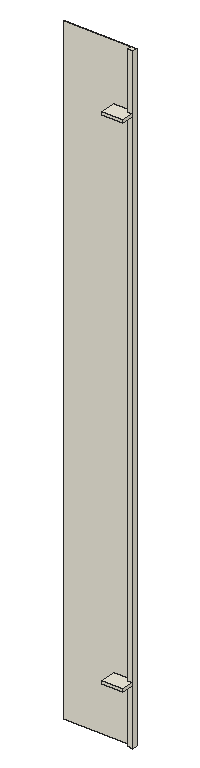
Revit family
Parameters (values of type "For 42”H Cart")
  Width = 0' - 8"  # constant formula
  URL = "http://www.hermanmiller.com"
  Surface Finish [instance] = Herman Miller - Finish LU Soft White
  Show 3D [instance] = yes
  Show 2D [instance] = yes
  Product Documentation Link = "http://www.hermanmiller.com/proceduresupply"
  Model = "CT701.42"
  Manufacturer = "Herman Miller, Inc."  # constant formula
  Height = 2' - 6 1/2"
  Description = "Breakaway Bar For 42H Sr 20/24 Cart"
  Depth = 0' - 1 1/2"  # constant formula
  Copyright © = "Copyright © Herman Miller, Inc."  # constant formula
  Catalog = "Carts (HMT)"  # constant formula
Reference planes (in)
  plane 1 "Center (Front/Back)": y = 0
  plane 2: z = 0
  plane 3 "Center (Left/Right)": x = 0
  plane 4 "Front": y = -1.5
  plane 5 "Left": x = -4
  plane 6 "Right": x = 4
  plane 7 "Left Inside": x = 0.5
  plane 8 "Front Inset": y = -1.375
  plane 9 "Top": z = 30.5
  plane 10 "Center (Elevation)": z = 15.25
  plane 11 "Top Inset": z = 27.75
  plane 12 "Bottom Inset": z = 2.75
  plane 13: y = -2.25
Forms (in)
  Extrusion 1, solid, material "Herman Miller - Finish LU Soft White" <- "Surface Finish", visible <- "Show 3D", detail levels fine
    sketch origin (0, 0, 0) x (1, 0, 0) y (0, 1, 0)
      loop
        line (0.5, -1.375) -> (0.5, -1.4375) -> (3.75, -1.4375) -> (3.75, -1.625) -> (4, -1.625) -> (4, -1.375) -> (0.5, -1.375)
    from 0 to 30.5
  Extrusion 2, solid, material "Herman Miller - Finish LU Soft White" <- "Surface Finish", visible <- "Show 3D", detail levels coarse+medium
    sketch origin (0, 0, 0) x (1, 0, 0) y (0, 1, 0)
      loop
        line (0.5, -1.375) -> (0.5, -1.5) -> (4, -1.5) -> (4, -1.375) -> (0.5, -1.375)
    from 0 to 30.5
  Extrusion 3, solid, material "Herman Miller - Finish LU Soft White" <- "Surface Finish", visible <- "Show 3D", detail levels fine
    sketch origin (0, 0, 0) x (1, 0, 0) y (0, 0, 1)
      loop
        line (4, 27.75) -> (3, 27.75) -> (3, 27.625) -> (4, 27.625) -> (4, 27.75)
      loop
        line (4, 2.75) -> (4, 2.875) -> (3, 2.875) -> (3, 2.75) -> (4, 2.75)
    from 1.375 to 2.25
Lines and regions (in)
  Masking region 1, visible <- "Show 2D"
    outline origin (0, 0, 0) x (1, 0, 0) y (0, 0, 1)
      loop
        line (4, 0) -> (4, 30.5) -> (0.5, 30.5) -> (0.5, 0) -> (4, 0)
  Masking region 2, visible <- "Show 2D"
    outline origin (0, 0, 0) x (1, 0, 0) y (0, 1, 0)
      loop
        line (4, -1.375) -> (0.5, -1.375) -> (0.5, -1.4375) -> (3, -1.4375) -> (3, -2.25) -> (4, -2.25) -> (4, -1.375)
  Masking region 3, visible <- "Show 2D", detail levels coarse+medium
    outline origin (0, 0, 0) x (0, 1, 0) y (0, 0, 1)
      loop
        line (-2.25, 30.5) -> (-2.25, 0) -> (-1.375, 0) -> (-1.375, 30.5) -> (-2.25, 30.5)
  model lines, visible <- "Show 3D", detail levels coarse+medium
    curve 1: line (0.5, -1.5, 0) -> (0.5, -1.5, 30.5)
    curve 2: line (3.75, -1.5, 30.5) -> (3.75, -1.5, 0)
  symbolic lines, visible <- "Show 2D"
    curve 3: line (0.5, 0, 0.66169) -> (0.5, 0, 30.5)
    curve 4: line (3.75, 0, 30.5) -> (3.75, 0, 27.75)
    curve 11: line (3.75, 0, 27.625) -> (3.75, 0, 2.875)
    curve 12: line (3.75, 0, 2.75) -> (3.75, 0, 0)
  symbolic lines, visible <- "Show 2D", detail levels medium+fine
    curve 5: line (3, 0, 2.75) -> (4, 0, 2.75)
    curve 6: line (3, 0, 2.875) -> (3, 0, 2.75)
    curve 7: line (4, 0, 2.875) -> (3, 0, 2.875)
    curve 8: line (4, 0, 27.75) -> (3, 0, 27.75)
    curve 9: line (3, 0, 27.75) -> (3, 0, 27.625)
    curve 10: line (3, 0, 27.625) -> (4, 0, 27.625)
  model lines, visible <- "Show 3D", detail levels medium
    curve 13: line (3, -1.5, 2.75) -> (4, -1.5, 2.75)
    curve 14: line (3, -1.5, 2.875) -> (3, -1.5, 2.75)
    curve 15: line (4, -1.5, 2.875) -> (3, -1.5, 2.875)
    curve 16: line (3, -1.5, 27.625) -> (4, -1.5, 27.625)
    curve 17: line (3, -1.5, 27.75) -> (3, -1.5, 27.625)
    curve 18: line (4, -1.5, 27.75) -> (3, -1.5, 27.75)
  symbolic lines, visible <- "Show 2D", detail levels coarse
    curve 19: line (3.75, 0, 2.75) -> (3.75, 0, 2.875)
    curve 20: line (3.75, 0, 27.625) -> (3.75, 0, 27.75)
Dimensions and locks (in)
  "Depth": plane 1 "Center (Front/Back)" to plane 4 "Front"
  "Width": plane 5 "Left" to plane 6 "Right"
  equal spacing: plane 5 "Left", plane 3 "Center (Left/Right)", plane 6 "Right"
  locked: plane 5 "Left" to plane 7 "Left Inside" at 4.5
  locked: plane 8 "Front Inset" to plane 4 "Front" at 0.125
  locked: Extrusion 1 sketch curve to Extrusion 1 sketch curve at 0.25
  "Height": plane 9 "Top" to plane 2
  equal spacing: plane 9 "Top", plane 10 "Center (Elevation)", plane 2
  locked: plane 12 "Bottom Inset" to plane 2 at 2.75
  locked: plane 9 "Top" to plane 11 "Top Inset" at 2.75
  locked: Extrusion 3 sketch curve to Extrusion 1 at 1
  locked: Extrusion 1 to Extrusion 3 sketch curve at 1
  locked: plane 4 "Front" to plane 13 at 0.75
  aligned and locked: plane 6 "Right" to Extrusion 1 sketch curve
  aligned and locked: Extrusion 1 sketch curve to plane 7 "Left Inside"
  aligned and locked: plane 2 to level
  aligned and locked: plane 9 "Top" to Extrusion 1
  aligned and locked: plane 4 "Front" to Extrusion 2 sketch curve
  aligned and locked: plane 6 "Right" to Extrusion 2 sketch curve
  aligned and locked: Extrusion 2 to Extrusion 1
  aligned and locked: Extrusion 1 to plane 2
  aligned and locked: Extrusion 2 to plane 2
  aligned and locked: Masking region 1 sketch curve to plane 9 "Top"
  aligned and locked: plane 6 "Right" to Masking region 1 sketch curve
  aligned and locked: plane 2 to Masking region 1 sketch curve
  aligned and locked: Extrusion 3 sketch curve to plane 6 "Right"
  aligned and locked: plane 11 "Top Inset" to Extrusion 3 sketch curve
  aligned and locked: plane 12 "Bottom Inset" to Extrusion 3 sketch curve
  aligned and locked: plane 6 "Right" to Extrusion 3 sketch curve
  aligned and locked: plane 8 "Front Inset" to Extrusion 3
  aligned and locked: Extrusion 3 to plane 13
  aligned and locked: Masking region 2 sketch curve to Extrusion 1  (x2)
  aligned and locked: Extrusion 3 to Masking region 2 sketch curve
  aligned and locked: Masking region 2 sketch curve to Extrusion 3  (x2)
  aligned and locked: plane 2 to Masking region 3 sketch curve
  aligned and locked: plane 13 to Masking region 3 sketch curve
  aligned and locked: Masking region 3 sketch curve to plane 9 "Top"
  aligned and locked: curve 3 to Extrusion 1
  aligned and locked: curve 4 to Extrusion 1
  aligned and locked: curve 5 to Extrusion 3
  aligned and locked: curve 6 to Extrusion 3
  aligned and locked: curve 7 to Extrusion 3
  aligned and locked: curve 8 to Extrusion 3
  aligned and locked: curve 9 to Extrusion 3
  aligned and locked: curve 10 to Extrusion 3
  aligned and locked: Extrusion 2 sketch curve to plane 8 "Front Inset"
  aligned and locked: curve 20 to curve 2
  aligned and locked: curve 19 to curve 2
  aligned and locked: Extrusion 2 sketch curve to plane 7 "Left Inside"
  aligned and locked: Masking region 1 sketch curve to plane 7 "Left Inside"
  aligned and locked: Masking region 3 sketch curve to plane 8 "Front Inset"
  aligned and locked: plane 9 "Top" to curve 3
Automatic sketch dimensions
  curve 2 to plane 9 "Top" = 0' - 0"
  curve 2 to level = 0' - 0"
  curve 1 to plane 7 "Left Inside" = 0' - 0"
  curve 1 to level = 0' - 0"
  curve 1 to plane 9 "Top" = 0' - 0"
  plane 6 "Right" to curve 2 = 0' - 0 1/4"
  plane 12 "Bottom Inset" to Extrusion 3 sketch curve = 0' - 0 1/8"
  Extrusion 3 sketch curve to plane 11 "Top Inset" = 0' - 0 1/8"
  curve 15 to plane 6 "Right" = 0' - 0"
  curve 18 to plane 6 "Right" = 0' - 0"
  curve 16 to plane 6 "Right" = 0' - 0"
  curve 13 to plane 6 "Right" = 0' - 0"
  curve 14 to plane 12 "Bottom Inset" = 0' - 0"
  curve 18 to plane 11 "Top Inset" = 0' - 0"
  curve 13 to curve 14 = 0' - 1"
  curve 18 to curve 18 = 0' - 1"
  plane 12 "Bottom Inset" to curve 14 = 0' - 0 1/8"
  curve 16 to plane 11 "Top Inset" = 0' - 0 1/8"
  Extrusion 1 sketch curve to plane 8 "Front Inset" = 0' - 0"
  plane 4 "Front" to Extrusion 1 sketch curve = 0' - 0 1/16"
  plane 6 "Right" to Extrusion 1 sketch curve = 0' - 0 1/4"
  plane 4 "Front" to Masking region 2 sketch curve = 0' - 0 1/16"
  curve 12 to level = 0' - 0"
  curve 5 to plane 6 "Right" = 0' - 0"
  curve 7 to plane 6 "Right" = 0' - 0"
  curve 8 to plane 6 "Right" = 0' - 0"
  curve 10 to plane 6 "Right" = 0' - 0"
  curve 4 to plane 9 "Top" = 0' - 0"
  curve 11 to curve 19 = 0' - 0"
  curve 12 to curve 19 = 0' - 0"
  level to curve 3 = 0' - 0.66169"
